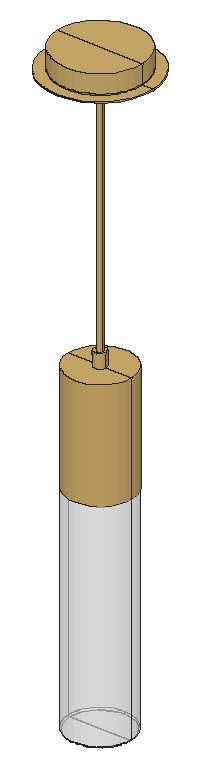
Revit family "3-653-xxx Magnum Pendant", category Lighting Fixtures, host Ceiling, Revit 2020
Family settings
  Host = Ceiling
  Round Connector Dimension = Use Diameter
  Part Type = Normal
  OmniClass Number = 23.80.70.11
  OmniClass Title = Luminaries for Internal Lighting
  Always vertical = Yes
  Cut with Voids When Loaded = No
  Light Source = Yes
  Shared = No
  Room Calculation Point = No
Parameters (values of type "37-653-140 - Aged Brass / Matte Opal Glass")
  Wattage Comments = "6.62 W at 120 V"  # constant formula
  Wattage = 6.62 W
  built-in parameter 1150110 = 1 (stored number, unit not read)
  Voltage Input = "120 V or 277 V - 50/60 Hz"  # constant formula
  Voltage = 277 V
  URL = ""
  built-in parameter 1114217 = 1 (stored number, unit not read)
  Tilt Angle = 90.00°  # constant formula
  built-in parameter 1150109 = 1 (stored number, unit not read)
  built-in parameter 1150134 = (empty or 0)
  built-in parameter 1150113 = 1 (stored number, unit not read)
  References = "Ref. 3 = 120 V / Ref. 37 = 277 V"  # constant formula
  Photometric Web File = "3-653-114 Magnum Pendant.ies"
  Model = "3-653-xxx Magnum (Pendant)"  # constant formula
  Metal Finish = 40 - Aged Brass
  Manufacturer = "Oxygen Lighting"  # constant formula
  Main Diffuser = Matte Opal Glass
  Lumens = 415.736 lm
  built-in parameter 1150115 = 1 (stored number, unit not read)
  built-in parameter 1150105 = 33.083 (stored number, unit not read)
  built-in parameter 1150137 = (empty or 0)
  built-in parameter 1150139 = (empty or 0)
  built-in parameter 1150112 = 1 (stored number, unit not read)
  built-in parameter 1150114 = 1 (stored number, unit not read)
  Lamp = "LED"  # constant formula
  built-in parameter 1150132 = (empty or 0)
  built-in parameter 1150102 = (empty or 0)
  built-in parameter 1150138 = (empty or 0)
  built-in parameter 1150107 = 3000 (stored number, unit not read)
  built-in parameter 1150106 = 0.33083 (stored number, unit not read)
  Hang Lenght [instance] = 15.00"
  built-in parameter 1150104 = 5.8343 (stored number, unit not read)
  Dimming Lamp Color Temperature Shift = <None>
  Default Elevation = 0.00"
  Color Filter = 16777215
  built-in parameter 1114218 = 1 (stored number, unit not read)
  built-in parameter 1150133 = 10 (stored number, unit not read)
Types (9): name | Voltage | Metal Finish
  (no name) | 277 V | 40 - Aged Brass
  3-653-114 - Polished Chrome / Matte Opal Glass | 120 V | 14 - Polished Chrome
  3-653-124 - Satin Nickel / Matte Opal Glass | 120 V | 24 - Satin Nickel
  3-653-140 - Aged Brass / Matte Opal Glass | 120 V | 40 - Aged Brass
  37-653-114 - Polished Chrome / Matte Opal Glass | 277 V | 14 - Polished Chrome
  37-653-124 - Satin Nickel / Matte Opal Glass | 277 V | 24 - Satin Nickel
  37-653-140 - Aged Brass / Matte Opal Glass | 277 V | 40 - Aged Brass
  3-653-125 - Satin Copper / Matte Opal Glass | 120 V | 25 - Satin Copper
  37-653-125 - Satin Copper / Matte Opal Glass | 277 V | 25 - Satin Copper
Reference planes (in)
  plane 1 "Light Source Axis (F/B)": y = 0
  plane 2 "Ceiling": z = 96
  plane 3 "Light Source Axis (L/R)": x = 0
  plane 4 "Light Source Elevation": z = 71
  plane 5: z = 81
Forms (in)
  Revolve 1, solid, material "40 - Aged Brass" <- "Metal Finish"
    sketch origin (0, 0, 0) x (1, 0, 0) y (0, 0, 1)
      loop
        line (-2.3472, 96) -> (-2.3472, 94.97638)
        arc (-2.3472, 94.97638) -> (-2.33567, 94.94854) -> (-2.30783, 94.93701) r 0.03937
        line (-2.30783, 94.93701) -> (-2.93776, 94.93701) -> (-2.93776, 94.87795) -> (-0.31496, 94.87795) -> (-0.31496, 94.12992) -> (0, 94.12992) -> (0, 96) -> (-2.3472, 96)
      axis (0, 96) -> (0, 94.12992)
    angle from 0 to 360
  Revolve 2, solid, material "40 - Aged Brass" <- "Metal Finish"
    sketch origin (0, 0, 0) x (1, 0, 0) y (0, 0, 1)
      loop
        line (0, 81) -> (0, 94.12992) -> (-0.1378, 94.12992) -> (-0.1378, 81) -> (0, 81)
      axis (0, 81) -> (0, 94.12992)
    angle from 0 to 360
  Revolve 3, solid, material "40 - Aged Brass" <- "Metal Finish"
    sketch origin (0, 0, 0) x (1, 0, 0) y (0, 0, 1)
      loop
        line (0, 81) -> (-0.31496, 81) -> (-0.31496, 80.25197) -> (-1.75, 80.25197) -> (-1.75, 74.25197) -> (0, 74.25197) -> (0, 81)
      axis (0, 74.25197) -> (0, 81)
    angle from 0 to 360
  Revolve 4, solid, material "Matte Opal Glass" <- "Main Diffuser"
    sketch origin (0, 0, 0) x (1, 0, 0) y (0, 0, 1)
      loop
        line (0, 74.25197) -> (0, 62.25197) -> (1.67239, 62.25197)
        arc (1.67239, 62.25197) -> (1.72727, 62.2747) -> (1.75, 62.32958) r 0.07761
        line (1.75, 62.32958) -> (1.75, 74.25197) -> (0, 74.25197)
      axis (0, 62.25197) -> (0, 74.25197)
    angle from 0 to 360
  Revolve 5, solid
    sketch origin (0, 0, 0) x (1, 0, 0) y (0, 0, 1)
      loop
        line (-0.31496, 80.92126) -> (-0.3622, 80.92126) -> (-0.3937, 80.88976) -> (-0.3937, 80.80315) -> (-0.31496, 80.80315) -> (-0.31496, 80.92126)
      axis (-0.3937, 80.80315) -> (-0.31496, 80.80315)
    angle from 0 to 360
Dimensions and locks (in)
  equal spacing: host sketch curve, plane 3 "Light Source Axis (L/R)", host sketch curve
  equal spacing: host sketch curve, plane 1 "Light Source Axis (F/B)", host sketch curve
  host sketch curve to host sketch curve = 120.00"  (x2)
  locked: Revolve 1 sketch curve to Revolve 1 sketch curve at 0.31496
  locked: Revolve 1 sketch curve to Revolve 1 sketch curve at 1.06299
  locked: Revolve 1 sketch curve to Revolve 1 sketch curve at 0.05906
  locked: Revolve 1 sketch curve to Revolve 1 sketch curve at 1.87008
  "Hang Lenght": plane 5 to plane 2 "Ceiling"
  locked: plane 4 "Light Source Elevation" to plane 5 at 10
  Revolve 3 sketch curve to plane 5 = 6.74803"
  imposter light to Revolve 3 sketch curve = 1.75"
  locked: Revolve 3 sketch curve to plane 5 at 0.74803
  Revolve 4 sketch curve to Revolve 3 = 12.00"
  locked: Revolve 4 sketch curve to imposter light at 1.75
  locked: Revolve 5 sketch curve to plane 5 at 0.19685
  locked: Revolve 5 sketch curve to imposter light at 0.31496
  locked: Revolve 5 sketch curve to Revolve 5 sketch curve at 0.07874
  Revolve 1 sketch curve to Revolve 1 sketch curve = 2.93776"
  aligned and locked: plane 3 "Light Source Axis (L/R)" to imposter light
  aligned and locked: plane 1 "Light Source Axis (F/B)" to imposter light
  aligned and locked: plane 4 "Light Source Elevation" to imposter light
  aligned and locked: Revolve 1 sketch curve to imposter light
  aligned and locked: Revolve 1 sketch curve to Revolve 1 sketch curve
  aligned and locked: Revolve 1 sketch curve to host ceiling
  aligned and locked: Revolve 2 sketch curve to plane 3 "Light Source Axis (L/R)"
  aligned and locked: Revolve 1 to Revolve 2
  aligned and locked: plane 5 to Revolve 2
  aligned and locked: Revolve 3 sketch curve to imposter light
  aligned and locked: plane 5 to Revolve 3
  aligned and locked: imposter light to Revolve 4 sketch curve
  aligned and locked: Revolve 4 sketch curve to Revolve 3
Automatic sketch dimensions
  Revolve 1 sketch curve to Revolve 1 sketch curve = 0.03937"  (x2)
  Revolve 1 sketch curve to Revolve 1 sketch curve = 0.59055"
  Revolve 1 sketch curve to Revolve 1 sketch curve = 0.00"
  plane 4 "Light Source Elevation" to Revolve 1 sketch curve = 6.00"
  Revolve 1 sketch curve to Revolve 1 sketch curve = 1.50"
  Revolve 2 sketch curve to plane 3 "Light Source Axis (L/R)" = 0.00"
  Revolve 2 sketch curve to Revolve 2 sketch curve = 0.1378"
  Revolve 2 sketch curve to plane 2 "Ceiling" = 1.87008"
  Revolve 2 sketch curve to Revolve 2 sketch curve = 13.12992"
  Revolve 2 sketch curve to level = 8.94462"
  plane 2 "Ceiling" to Revolve 2 sketch curve = 12.77302"
  Revolve 3 sketch curve to plane 3 "Light Source Axis (L/R)" = 0.00"
  plane 5 to Revolve 3 sketch curve = 0.00"
  Revolve 3 sketch curve to Revolve 3 sketch curve = 0.31496"
  plane 4 "Light Source Elevation" to Revolve 3 sketch curve = 12.00"
  Revolve 3 sketch curve to plane 2 "Ceiling" = 7.46"
  Revolve 5 sketch curve to Revolve 5 sketch curve = 0.0315"  (x2)
  Revolve 5 sketch curve to Revolve 5 sketch curve = 0.08661"
  Revolve 5 sketch curve to Revolve 5 sketch curve = 0.10807"
  Revolve 5 sketch curve to Revolve 5 sketch curve = 0.07871"
  Revolve 5 sketch curve to Revolve 5 sketch curve = 0.00"
  Revolve 4 sketch curve to plane 3 "Light Source Axis (L/R)" = 0.00"
  Revolve 4 sketch curve to Revolve 4 sketch curve = 0.07761"
  Revolve 4 sketch curve to Revolve 4 sketch curve = 1.25543"
  Revolve 4 sketch curve to plane 2 "Ceiling" = 7.46"
Connectors (in)
  electrical at (0, 0, 96), driven by "Voltage"
    settings: on host ceiling, index 1, voltage 277 V, apparent load 0 VA, apparent load phase1 0 VA, apparent load phase2 0 VA, apparent load phase3 0 VA, power factor 1, load classification "Other", number of poles 1, system type 31, power factor state 1, is connector primary yes, connector utility no, sub classification motor no, connector description ""
